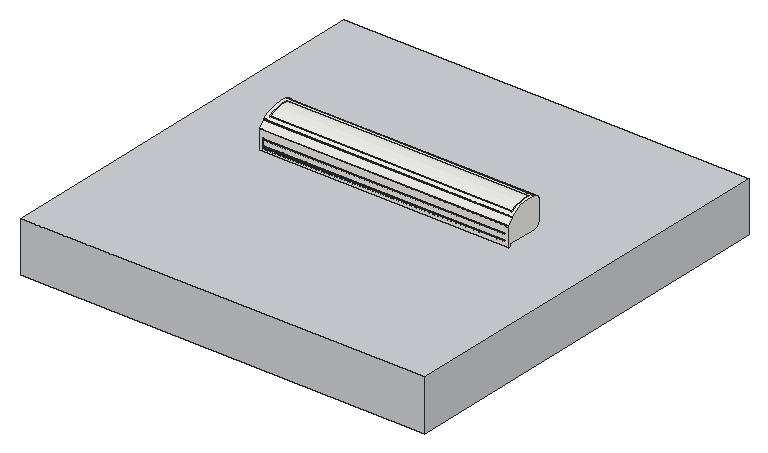
Revit family "ГРЕЕРС ЗВ - 150 Е", category Osprzęt elektryczny, Revit 2016
Family settings
  Obiekt nadrzędny = Powierzchnia
  Zachowaj orientację opisów = Nie
  Typ części = Normalny
  Wymiar okrągłego złącza = Użyj średnicy
  Tnij formami wycięć po wczytaniu = Nie
  Współdzielony = Nie
  Punkt obliczania pomieszczeń = Nie
Parameters (values of type "ГРЕЕРС ЗВ - 150 Е, 1 скорость, 1x230B")
  Тепловая мощность = 9.5 kW
  Полная мощность = if(Напряжение питания = 400 V, 230 V * 3 * Номинальный ток, 230 V * Номинальный ток)  # 9453 VA
  Номинальный ток = 41.1 A
  Напряжение питания = 230 V
  Материал 2 = ГРЕЕРС-сталь,перфорация-белый
  Материал = ГРЕЕРС-сталь-белый
  Коэффициент мощности = 1
  Количество фаз = 1
  Классификация нагрузки = ДРУГОЕ
  Длина = 1500.00 mm  # constant formula
  Данные продукта = "https://greers.ru/vozdushnye-zavesy/"
  Вес аппарата = 19.90 kg
  Вентилятор = "Однофазный двигатель с поперечным ротором"
  Автор = "www.archispace.com"
  URL = ""
  Producent = "ГРЕЕРС"
  Opis = "Воздушная завеса"
  Model = "ГРЕЕРС ЗВ - 150 Е"
  IP = "21"
  Domyślna rzędna = 2200.00 mm
Types (6, lengths in mm): name | Тепловая мощность | Полная мощность | Номинальный ток | Напряжение питания | Количество фаз
  ГРЕЕРС ЗВ - 150 Е, 1 скорость, 3x400B | 9.5 kW | 9453 VA | 13.7 A | 400 V | 3
  ГРЕЕРС ЗВ - 150 Е, 2 скорость, 3x400B | 9.7 kW | 9660 VA | 14 A | 400 V | 3
  ГРЕЕРС ЗВ - 150 Е, 3 скорость, 3x400B | 10 kW | 10005 VA | 14.5 A | 400 V | 3
  ГРЕЕРС ЗВ - 150 Е, 1 скорость, 1x230B | 9.5 kW | 9453 VA | 41.1 A | 230 V | 1
  ГРЕЕРС ЗВ - 150 Е, 2 скорость, 1x230B | 9.7 kW | 9660 VA | 42 A | 230 V | 1
  ГРЕЕРС ЗВ - 150 Е, 3 скорость, 1x230B | 10 kW | 10005 VA | 43.5 A | 230 V | 1
Reference planes
  plane 1 "Środek (Przód/Tył)": y = 0
  plane 2: z = 0
  plane 3 "Środek (Lewa/Prawa)": x = 0
Forms (mm)
  Extrusion 1, solid
    sketch origin (0, 0, 0) x (1, 0, 0) y (0, 1, 0)
      loop
        line (-1219.2, 1219.2) -> (-1219.2, -1219.2) -> (1219.2, -1219.2) -> (1219.2, 1219.2) -> (-1219.2, 1219.2)
    from 0 to -304.8
Dimensions and locks
  aligned and locked: plane 2 to Extrusion 1
  aligned and locked: level to Extrusion 1
  aligned and locked: plane 3 "Środek (Lewa/Prawa)" to nested 1
  aligned and locked: plane 1 "Środek (Przód/Tył)" to nested 1
Nested families
  nested 1: "ГРЕЕРС ЗВ - 150 Е" at (0, 0, 0), type "ГРЕЕРС ЗВ - 150 Е"
    with długość 1500.00 mm
Connectors
  electrical at (0, 235.182, 54.049), driven by "Напряжение питания", driven by "Полная мощность", driven by "Коэффициент мощности", driven by "Классификация нагрузки", driven by "Количество фаз"
    settings: on nested 1, index 9, voltage 230 V, apparent load 9453 VA, apparent load phase1 0 VA, apparent load phase2 0 VA, apparent load phase3 0 VA, power factor 1, load classification "ДРУГОЕ", number of poles 1, system type 30, power factor state 1, is connector primary yes, connector utility no, sub classification motor no, connector description ""
  electrical at (-59, 235.182, 85.024)
    settings: on nested 1, index 10, voltage 0 V, apparent load 0 VA, apparent load phase1 0 VA, apparent load phase2 0 VA, apparent load phase3 0 VA, power factor 1, load classification "Inne", number of poles 1, system type 13, power factor state 1, is connector primary no, connector utility no, sub classification motor no, connector description "Регулятор ТS"
  electrical at (59, 235.182, 85.024)
    settings: on nested 1, index 11, voltage 0 V, apparent load 0 VA, apparent load phase1 0 VA, apparent load phase2 0 VA, apparent load phase3 0 VA, power factor 1, load classification "Inne", number of poles 1, system type 13, power factor state 1, is connector primary no, connector utility no, sub classification motor no, connector description "Конечный датчик"
Definition of nested family "ГРЕЕРС ЗВ - 150 Е"
  Parameters
    materiał perforacja = none
    materiał = none
    długość = 1000.00 mm
  Reference planes
    plane 1 "Środek (Przód/Tył)": y = 0
    plane 2: z = 0
    plane 3 "Środek (Lewa/Prawa)": x = 0
    plane 4: x = -500
    plane 5: x = 500
    plane 6: x = -480
    plane 7: x = 480
    plane 8: x = 250
    plane 9: x = -250
  Forms (mm)
    Extrusion 1, solid, material <- "materiał", detail levels medium
      sketch origin (0, 300, 0) x (0, 1, 0) y (0, 0, 1)
        loop
          line (-72.756, 170.564) -> (-81.693, 181.358)
          arc (-81.693, 181.358) -> (-82.051, 181.684) -> (-82.482, 181.903) r 1.8
          line (-82.482, 181.903) -> (-98.157, 187.357)
          arc (-98.157, 187.357) -> (-98.505, 187.566) -> (-98.742, 187.895) r 1
          line (-98.742, 187.895) -> (-99.846, 190.375)
          arc (-99.846, 190.375) -> (-100.355, 191.039) -> (-101.109, 191.402) r 1.8
          arc (-101.109, 191.402) -> (-188.803, 190.806) -> (-267.88, 152.892) r 200.8
          arc (-267.88, 152.892) -> (-268.406, 152.22) -> (-268.563, 151.381) r 1.8
          line (-268.563, 151.381) -> (-268.42, 148.651)
          arc (-268.42, 148.651) -> (-268.477, 148.263) -> (-268.678, 147.927) r 1
          line (-268.678, 147.927) -> (-299.538, 113.654)
          arc (-299.538, 113.654) -> (-299.88, 113.094) -> (-300, 112.449) r 1.8
          line (-300, 112.449) -> (-300, 0) -> (-292.2, 0) -> (-292.2, 13.085) -> (-113.282, 13.085)
          arc (-113.282, 13.085) -> (-84.316, 25.083) -> (-72.318, 54.049) r 40.964
          line (-72.318, 54.049) -> (-72.318, 169.336)
          arc (-72.318, 169.336) -> (-72.431, 169.988) -> (-72.756, 170.564) r 1.943
      from -500 to 500
    Extrusion 2, solid, material <- "materiał", detail levels coarse
      sketch origin (0, 0, 0) x (0, 1, 0) y (0, 0, 1)
        loop
          arc (227.682, 182.867) -> (103.817, 188.954) -> (0, 121.12) r 200.8
          line (0, 121.12) -> (0, 0) -> (227.682, 0) -> (227.682, 182.867)
      from -500 to 500
    Extrusion 3, solid, material <- "materiał", detail levels fine
      sketch origin (0, 0, 0) x (0, 1, 0) y (0, 0, 1)
        loop
          line (227.244, 170.564) -> (218.307, 181.358)
          arc (218.307, 181.358) -> (217.949, 181.684) -> (217.518, 181.903) r 1.8
          line (217.518, 181.903) -> (201.843, 187.357)
          arc (201.843, 187.357) -> (201.495, 187.566) -> (201.258, 187.895) r 1
          line (201.258, 187.895) -> (200.154, 190.375)
          arc (200.154, 190.375) -> (199.645, 191.039) -> (198.891, 191.402) r 1.8
          arc (198.891, 191.402) -> (111.197, 190.806) -> (32.12, 152.892) r 200.8
          arc (32.12, 152.892) -> (31.594, 152.22) -> (31.437, 151.381) r 1.8
          line (31.437, 151.381) -> (31.58, 148.651)
          arc (31.58, 148.651) -> (31.523, 148.263) -> (31.322, 147.927) r 1
          line (31.322, 147.927) -> (0.462, 113.654)
          arc (0.462, 113.654) -> (0.12, 113.094) -> (0, 112.449) r 1.8
          line (0, 112.449) -> (0, 0) -> (7.8, 0) -> (7.8, 13.085) -> (186.718, 13.085)
          arc (186.718, 13.085) -> (215.684, 25.083) -> (227.682, 54.049) r 40.964
          line (227.682, 54.049) -> (227.682, 169.336)
          arc (227.682, 169.336) -> (227.569, 169.988) -> (227.244, 170.564) r 1.943
      from -500 to 500
    Extrusion 4, void
      sketch origin (0, 0, 0) x (0, 1, 0) y (0, 0, 1)
        loop
          line (52, 224.939) -> (52, 114.939) -> (180, 114.939) -> (180, 224.939) -> (52, 224.939)
      from -480 to 480
    Extrusion 5, solid, material <- "materiał perforacja", detail levels fine
      sketch origin (0, 0, 0) x (0, 1, 0) y (0, 0, 1)
        loop
          arc (180, 194.56) -> (113.664, 191.359) -> (52, 166.696) r 200.8
          line (52, 166.696) -> (52, 164.35)
          arc (52, 164.35) -> (113.61, 189.3) -> (180, 192.546) r 198.8
          line (180, 192.546) -> (180, 194.56)
      from -480 to 480
    Extrusion 6, void
      sketch origin (0, 0, 0) x (0, 1, 0) y (0, 0, 1)
        loop
          line (0, 15.085) -> (25, 15.085) -> (25, 70.085) -> (0, 70.085) -> (0, 62.585) -> (15, 62.585) -> (15, 60.585) -> (0, 60.585) -> (0, 53.085) -> (15, 53.085) -> (15, 51.085) -> (0, 51.085) -> (0, 43.585) -> (15, 43.585) -> (15, 41.585) -> (0, 41.585) -> (0, 34.085) -> (15, 34.085) -> (15, 32.085) -> (0, 32.085) -> (0, 24.585) -> (15, 24.585) -> (15, 22.585) -> (0, 22.585) -> (0, 15.085)
      from -480 to 480
    Extrusion 7, solid, material <- "materiał"
      sketch origin (0, 0, 0) x (0, 1, 0) y (0, 0, 1)
        loop
          line (10, 0) -> (172, 0) -> (172, 13.085) -> (10, 13.085) -> (10, 0)
      from -250 to 250
    Extrusion 8, solid, material <- "materiał"
      sketch origin (0, 0, 0) x (0, 1, 0) y (0, 0, 1)
        loop
          line (227.682, 54.049) -> (242.682, 54.049) -> (242.682, 116) -> (227.682, 116) -> (227.682, 54.049)
      from -59 to 59
  Cuts and joins
    Extrusion 4, Extrusion 6 cuts Extrusion 3
  Dimensions and locks
    equal spacing: plane 4, plane 3 "Środek (Lewa/Prawa)", plane 5
    "długość": plane 4 to plane 5
    locked: plane 4 to plane 6 at 20
    locked: plane 7 to plane 5 at 20
    equal spacing: plane 4, plane 9, plane 3 "Środek (Lewa/Prawa)"
    equal spacing: plane 3 "Środek (Lewa/Prawa)", plane 8, plane 5
    aligned and locked: level to plane 2
    aligned and locked: Extrusion 2 to plane 4
    aligned and locked: Extrusion 1 to plane 4
    aligned and locked: Extrusion 2 to plane 5
    aligned and locked: Extrusion 1 to plane 5
    aligned and locked: Extrusion 3 to plane 4
    aligned and locked: Extrusion 3 to plane 5
    aligned and locked: Extrusion 4 to plane 6
    aligned and locked: Extrusion 4 to plane 7
    aligned and locked: Extrusion 5 to plane 6
    aligned and locked: Extrusion 5 to plane 7
    aligned and locked: Extrusion 6 to plane 7
    aligned and locked: Extrusion 6 to plane 6
    aligned and locked: plane 8 to Extrusion 7
    aligned and locked: plane 9 to Extrusion 7
  Automatic sketch dimensions
    Extrusion 1 sketch curve to level = 0.00 mm
    Extrusion 1 sketch curve to plane 1 "Środek (Przód/Tył)" = 0.00 mm
    Extrusion 1 sketch curve to Extrusion 1 sketch curve = 1.80 mm
    Extrusion 1 sketch curve to plane 1 "Środek (Przód/Tył)" = 7.80 mm
    Extrusion 1 sketch curve to plane 1 "Środek (Przód/Tył)" = 30.581 mm
    Extrusion 1 sketch curve to Extrusion 1 sketch curve = 0.742 mm
    Extrusion 1 sketch curve to Extrusion 1 sketch curve = 0.856 mm
    Extrusion 1 sketch curve to Extrusion 1 sketch curve = 1.797 mm
    Extrusion 1 sketch curve to plane 1 "Środek (Przód/Tył)" = 156.375 mm
    Extrusion 1 sketch curve to Extrusion 1 sketch curve = 30.343 mm
    Extrusion 1 sketch curve to Extrusion 1 sketch curve = 165.276 mm
    Extrusion 1 sketch curve to Extrusion 1 sketch curve = 3.662 mm
    Extrusion 1 sketch curve to Extrusion 1 sketch curve = 14.754 mm
    Extrusion 1 sketch curve to Extrusion 1 sketch curve = 1.38 mm
    Extrusion 1 sketch curve to Extrusion 1 sketch curve = 8.812 mm
    Extrusion 1 sketch curve to Extrusion 1 sketch curve = 1.505 mm
    Extrusion 1 sketch curve to Extrusion 1 sketch curve = 40.964 mm
    Extrusion 1 sketch curve to Extrusion 1 sketch curve = 13.085 mm
    Extrusion 1 sketch curve to Extrusion 1 sketch curve = 58.894 mm
    Extrusion 1 sketch curve to Extrusion 1 sketch curve = 117.295 mm
    Extrusion 1 sketch curve to Extrusion 1 sketch curve = 35.478 mm
    Extrusion 1 sketch curve to Extrusion 1 sketch curve = 0.671 mm
    Extrusion 1 sketch curve to Extrusion 1 sketch curve = 2.783 mm
    Extrusion 1 sketch curve to Extrusion 1 sketch curve = 0.097 mm
    Extrusion 1 sketch curve to Extrusion 1 sketch curve = 174.181 mm
    Extrusion 1 sketch curve to Extrusion 1 sketch curve = 10.867 mm
    Extrusion 1 sketch curve to Extrusion 1 sketch curve = 1.155 mm
    Extrusion 1 sketch curve to Extrusion 1 sketch curve = 8.099 mm
    Extrusion 1 sketch curve to Extrusion 1 sketch curve = 1.341 mm
    Extrusion 1 sketch curve to plane 1 "Środek (Przód/Tył)" = 0.462 mm
    Extrusion 1 sketch curve to Extrusion 1 sketch curve = 0.00 mm  (x14)
    Extrusion 1 sketch curve to Extrusion 1 sketch curve = 0.257 mm
    Extrusion 1 sketch curve to Extrusion 1 sketch curve = 1.263 mm
    Extrusion 1 sketch curve to Extrusion 1 sketch curve = 0.914 mm
    Extrusion 1 sketch curve to Extrusion 1 sketch curve = 0.585 mm
    Extrusion 1 sketch curve to Extrusion 1 sketch curve = 0.789 mm
    Extrusion 1 sketch curve to Extrusion 1 sketch curve = 0.944 mm
    Extrusion 2 sketch curve to level = 0.00 mm
    Extrusion 2 sketch curve to Extrusion 2 sketch curve = 71.306 mm
    Extrusion 2 sketch curve to Extrusion 2 sketch curve = 4.846 mm
    Extrusion 2 sketch curve to plane 1 "Środek (Przód/Tył)" = 0.00 mm
    Extrusion 2 sketch curve to Extrusion 2 sketch curve = 125.966 mm
    Extrusion 2 sketch curve to plane 1 "Środek (Przód/Tył)" = 156.375 mm
    plane 1 "Środek (Przód/Tył)" to Extrusion 3 sketch curve = 0.00 mm
    Extrusion 3 sketch curve to Extrusion 3 sketch curve = 1.80 mm
    Extrusion 3 sketch curve to Extrusion 3 sketch curve = 7.80 mm
    Extrusion 3 sketch curve to Extrusion 3 sketch curve = 28.781 mm
    Extrusion 3 sketch curve to Extrusion 3 sketch curve = 0.742 mm
    Extrusion 3 sketch curve to Extrusion 3 sketch curve = 0.856 mm
    Extrusion 3 sketch curve to Extrusion 3 sketch curve = 1.797 mm
    Extrusion 3 sketch curve to Extrusion 3 sketch curve = 148.575 mm
    Extrusion 3 sketch curve to Extrusion 3 sketch curve = 30.343 mm
    Extrusion 3 sketch curve to Extrusion 3 sketch curve = 165.276 mm
    Extrusion 3 sketch curve to Extrusion 3 sketch curve = 3.662 mm
    Extrusion 3 sketch curve to Extrusion 3 sketch curve = 14.754 mm
    Extrusion 3 sketch curve to Extrusion 3 sketch curve = 1.38 mm
    Extrusion 3 sketch curve to Extrusion 3 sketch curve = 8.812 mm
    Extrusion 3 sketch curve to Extrusion 3 sketch curve = 1.505 mm
    Extrusion 3 sketch curve to Extrusion 3 sketch curve = 40.964 mm
    level to Extrusion 3 sketch curve = 0.00 mm
    Extrusion 3 sketch curve to Extrusion 3 sketch curve = 13.085 mm
    Extrusion 3 sketch curve to Extrusion 3 sketch curve = 58.894 mm
    Extrusion 3 sketch curve to Extrusion 3 sketch curve = 117.295 mm
    Extrusion 3 sketch curve to Extrusion 3 sketch curve = 35.478 mm
    Extrusion 3 sketch curve to Extrusion 3 sketch curve = 0.671 mm
    Extrusion 3 sketch curve to Extrusion 3 sketch curve = 2.783 mm
    Extrusion 3 sketch curve to Extrusion 3 sketch curve = 0.097 mm
    Extrusion 3 sketch curve to Extrusion 3 sketch curve = 174.181 mm
    Extrusion 3 sketch curve to Extrusion 3 sketch curve = 10.867 mm
    Extrusion 3 sketch curve to Extrusion 3 sketch curve = 1.155 mm
    Extrusion 3 sketch curve to Extrusion 3 sketch curve = 8.099 mm
    Extrusion 3 sketch curve to Extrusion 3 sketch curve = 1.341 mm
    Extrusion 3 sketch curve to Extrusion 3 sketch curve = 0.462 mm
    Extrusion 3 sketch curve to Extrusion 3 sketch curve = 0.00 mm  (x14)
    Extrusion 3 sketch curve to Extrusion 3 sketch curve = 0.257 mm
    Extrusion 3 sketch curve to Extrusion 3 sketch curve = 1.263 mm
    Extrusion 3 sketch curve to Extrusion 3 sketch curve = 0.914 mm
    Extrusion 3 sketch curve to Extrusion 3 sketch curve = 0.585 mm
    Extrusion 3 sketch curve to Extrusion 3 sketch curve = 0.789 mm
    Extrusion 3 sketch curve to Extrusion 3 sketch curve = 0.944 mm
    Extrusion 4 sketch curve to Extrusion 4 sketch curve = 128.00 mm
    level to Extrusion 4 sketch curve = 114.939 mm
    Extrusion 4 sketch curve to Extrusion 4 sketch curve = 110.00 mm
    Extrusion 4 sketch curve to plane 1 "Środek (Przód/Tył)" = 52.00 mm
    Extrusion 5 sketch curve to plane 1 "Środek (Przód/Tył)" = 156.375 mm
    Extrusion 5 sketch curve to level = 4.846 mm
    Extrusion 5 sketch curve to plane 1 "Środek (Przód/Tył)" = 52.00 mm
    Extrusion 5 sketch curve to Extrusion 5 sketch curve = 23.625 mm
    Extrusion 5 sketch curve to Extrusion 5 sketch curve = 25.85 mm
    Extrusion 5 sketch curve to Extrusion 5 sketch curve = 2.346 mm
    Extrusion 5 sketch curve to Extrusion 5 sketch curve = 0.00 mm  (x2)
    Extrusion 7 sketch curve to level = 0.00 mm
    Extrusion 7 sketch curve to plane 1 "Środek (Przód/Tył)" = 10.00 mm
    Extrusion 7 sketch curve to Extrusion 7 sketch curve = 162.00 mm
    level to Extrusion 7 sketch curve = 13.085 mm
    Extrusion 8 sketch curve to plane 1 "Środek (Przód/Tył)" = 227.682 mm
    level to Extrusion 8 sketch curve = 116.00 mm
    level to Extrusion 8 sketch curve = 54.049 mm
    Extrusion 8 sketch curve to Extrusion 8 sketch curve = 15.00 mm
    Extrusion 6 sketch curve to plane 1 "Środek (Przód/Tył)" = 0.00 mm  (x6)
    Extrusion 6 sketch curve to Extrusion 6 sketch curve = 15.00 mm
    Extrusion 6 sketch curve to Extrusion 6 sketch curve = 0.00 mm  (x4)
    Extrusion 6 sketch curve to Extrusion 6 sketch curve = 10.00 mm
    level to Extrusion 6 sketch curve = 15.085 mm
    Extrusion 6 sketch curve to Extrusion 6 sketch curve = 7.50 mm  (x6)
    Extrusion 6 sketch curve to Extrusion 6 sketch curve = 2.00 mm  (x5)
